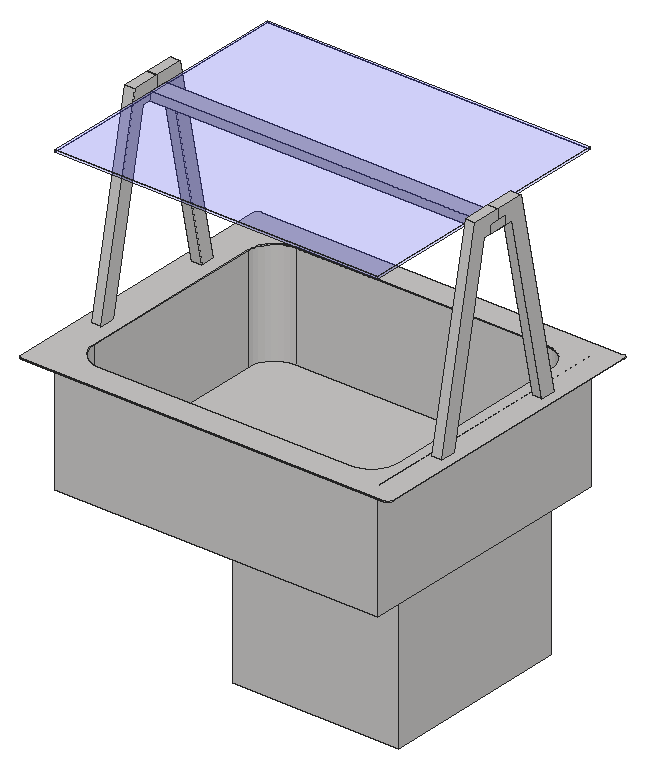
Revit family "QF_ELECTROLUXPROFESSIONAL_341177_D10C2O", category Attrezzature speciali, Revit 2020
Family settings
  Quota connettore circolare = Usa diametro
  Tipo di parte = Normale
  Basato su piano di lavoro = No
  Sempre verticale = Sì
  Taglio con vuoti quando caricato = No
  Condiviso = No
  Punto di calcolo locali = No
Parameters (values of type "Standard")
  Weight = 57.06 kg
  Watts = 0 W
  Volts = 220 V
  URL Manufacturer = "https://www.electroluxprofessional.com/"
  URL = "https://www.electroluxprofessional.com/"
  Steam Supply Size = 0 mm
  Steam Supply Minimum Pressure = 0.0 Pa
  Steam Supply Maximum Pressure = 0.0 Pa
  Steam Consumption per Hour = 0
  Refrigeration Suction Line Size = 0 mm
  Refrigeration Liquid Line Size = 0 mm
  Refrigerant Compressor Remote = yes
  Prospetto di default = 0 mm
  Produttore = "Electrolux Professional"
  Phase = 1
  Modello = "D10C2O"
  Length Actual = 770 mm  # constant formula
  Item Number = "341177"
  Hot Water Size = 0 mm
  Height Actual = 999 mm  # constant formula
  HP = "0 HP"
  Gas Size = 0 mm
  Gas KW = 0
  Gas Input Pressure = 0 W
  Direct Waste Size = 0 mm
  Descrizione = "DROP-IN REFRIGERATED WELL, STATIC, 2GN WITH A TYPE OVERSHELF AND LED LIGHT"
  Depth Actual = 620 mm  # constant formula
  Cycle = 50 Hz
  Condensate Return Size = 0 mm
  Compressed Air Volume = 0.0 L/s
  Compressed Air Size = 0 mm
  Compressed Air Pressure = 0.0 Pa
  Cold Water Size = 0 mm
  Accessory = yes
Reference planes
  plane 1 "BACK": y = 0
  plane 2: z = 5.426
  plane 3 "LEFT": x = 0
  plane 4: y = -620
  plane 5: z = 409.426
  plane 6: y = -310
  plane 7: x = 385
Forms (mm)
  Extrusion 1, solid, material "QF_Finishes_Stainless Steel"
    sketch origin (0, 0, 5.426) x (1, 0, 0) y (0, 1, 0)
      loop
        arc (10, 0) -> (2.929, -2.929) -> (0, -10) r 10
        line (0, -10) -> (0, -610)
        arc (0, -610) -> (2.929, -617.071) -> (10, -620) r 10
        line (10, -620) -> (760, -620)
        arc (760, -620) -> (767.071, -617.071) -> (770, -610) r 10
        line (770, -610) -> (770, -10)
        arc (770, -10) -> (767.071, -2.929) -> (760, 0) r 10
        line (760, 0) -> (10, 0)
    from 0 to 1
  Extrusion 2, solid, material "QF_Finishes_Stainless Steel"
    sketch origin (0, 0, 12.548) x (1, 0, 0) y (0, 1, 0)
      loop
        line (50, -35) -> (50, -585) -> (720, -585) -> (720, -35) -> (50, -35)
    from -251.122 to -7.122
  Extrusion 3, void
    sketch origin (0, 0, -2.817) x (1, 0, 0) y (0, 1, 0)
      loop
        arc (125, -55) -> (86.109, -71.109) -> (70, -110) r 55
        line (70, -110) -> (70, -510)
        arc (70, -510) -> (86.109, -548.891) -> (125, -565) r 55
        line (125, -565) -> (645, -565)
        arc (645, -565) -> (683.891, -548.891) -> (700, -510) r 55
        line (700, -510) -> (700, -110)
        arc (700, -110) -> (683.891, -71.109) -> (645, -55) r 55
        line (645, -55) -> (125, -55)
    from -209.107 to 9.244
  Extrusion 4, solid, material "QF_Finishes_Stainless Steel"
    sketch origin (21.5, -620, 0) x (0, -1, 0) y (0, 0, -1)
      loop
        line (-310, -409.426) -> (-250.873, -409.426) -> (-165, -5.426) -> (-195, -5.426) -> (-272.583, -370.426) -> (-310, -370.426) -> (-310, -409.426)
    from 0 to 20
  Extrusion 5, solid, material "QF_Finishes_Stainless Steel"
    sketch origin (21.5, 0, 0) x (0, 1, 0) y (0, 0, 1)
      loop
        line (-310, 409.426) -> (-310, 370.426) -> (-272.583, 370.426) -> (-195, 5.426) -> (-165, 5.426) -> (-250.873, 409.426) -> (-310, 409.426)
    from 0 to 20
  Extrusion 6, solid, material "QF_Finishes_Stainless Steel"
    sketch origin (748, -620, 0) x (0, -1, 0) y (0, 0, 1)
      loop
        line (-310, 409.426) -> (-310, 370.426) -> (-272.583, 370.426) -> (-195, 5.426) -> (-165, 5.426) -> (-250.873, 409.426) -> (-310, 409.426)
    from 0 to 20
  Extrusion 7, solid, material "QF_Finishes_Stainless Steel"
    sketch origin (748, 0, 0) x (0, 1, 0) y (0, 0, -1)
      loop
        line (-310, -409.426) -> (-250.873, -409.426) -> (-165, -5.426) -> (-195, -5.426) -> (-272.583, -370.426) -> (-310, -370.426) -> (-310, -409.426)
    from 0 to 20
  Extrusion 8, solid, material "QF_Finishes_Stainless Steel"
    sketch origin (0, 0, 0) x (0, 1, 0) y (0, 0, 1)
      loop
        line (-291.292, 370.426) -> (-291.292, 387.956) -> (-328.917, 387.956) -> (-328.917, 370.426) -> (-291.292, 370.426)
    from 21.5 to 748
  Extrusion 9, solid, material "Vetro"
    sketch origin (0, 0, 5.426) x (1, 0, 0) y (0, 1, 0)
      loop
        line (50, -35) -> (50, -585) -> (720, -585) -> (720, -35) -> (50, -35)
    from 382.529 to 387.529
  Extrusion 10, solid, material "QF_Finishes_Stainless Steel"
    sketch origin (281.31, -344.303, -643.387) x (0, 0, -1) y (0, 1, 0)
      loop
        circle (-372.814, -140.692) r 12.7
    from 5 to 70.307
  Extrusion 11, solid, material "QF_Finishes_Stainless Steel"
    sketch origin (112.975, -3, 5.426) x (1, 0, 0) y (0, 1, 0)
      loop
        circle (226.025, -481.971) r 12.675
    from -276 to -244
  Extrusion 12, solid, material "QF_Finishes_Stainless Steel"
    sketch origin (911.74, 95, -288.649) x (0, 1, 0) y (0, 0, -1)
      loop
        line (-161.185, -50.076) -> (-161.185, 268.924) -> (-555, 268.924) -> (-555, -50.076) -> (-161.185, -50.076)
    from 248.906 to 593.906
Cuts and joins
  Extrusion 3 cuts Extrusion 1
  Extrusion 3 cuts Extrusion 2
Dimensions and locks
  equal spacing: Extrusion 1, Extrusion 2 sketch curve, Extrusion 2 sketch curve, Extrusion 1  (x2)
  Extrusion 1 to Extrusion 1 = 770 mm
  Extrusion 1 to plane 1 "BACK" = 620 mm
  equal spacing: Extrusion 2, Extrusion 3 sketch curve, Extrusion 3 sketch curve, Extrusion 2  (x2)
  plane 5 to plane 2 = 404 mm
  equal spacing: plane 3 "LEFT", plane 7, cut or joined group of Extrusion 1, Extrusion 3
  aligned and locked: level to plane 2
Automatic sketch dimensions
  Extrusion 1 sketch curve to plane 3 "LEFT" = 0 mm
  plane 4 to Extrusion 1 sketch curve = 0 mm
  plane 1 "BACK" to Extrusion 1 sketch curve = 0 mm
  plane 3 "LEFT" to Extrusion 1 sketch curve = 10 mm  (x2)
  plane 3 "LEFT" to Extrusion 2 sketch curve = 50 mm
  Extrusion 2 sketch curve to plane 4 = 35 mm
  plane 1 "BACK" to Extrusion 2 sketch curve = 35 mm
  plane 3 "LEFT" to Extrusion 3 sketch curve = 70 mm
  Extrusion 3 sketch curve to Extrusion 3 sketch curve = 55 mm  (x4)
  Extrusion 3 sketch curve to plane 4 = 55 mm
  plane 1 "BACK" to Extrusion 3 sketch curve = 110 mm
  Extrusion 4 sketch curve to plane 6 = 0 mm
  plane 5 to Extrusion 4 sketch curve = 0 mm
  Extrusion 4 sketch curve to level = 0 mm
  Extrusion 4 sketch curve to Extrusion 4 sketch curve = 37.417 mm
  Extrusion 4 sketch curve to Extrusion 4 sketch curve = 21.71 mm
  plane 6 to Extrusion 4 sketch curve = 115 mm
  Extrusion 4 sketch curve to Extrusion 4 sketch curve = 30 mm
  Extrusion 4 sketch curve to Extrusion 4 sketch curve = 39 mm
  Extrusion 5 sketch curve to plane 6 = 0 mm
  plane 5 to Extrusion 5 sketch curve = 0 mm
  Extrusion 5 sketch curve to level = 0 mm
  Extrusion 5 sketch curve to Extrusion 5 sketch curve = 37.417 mm
  Extrusion 5 sketch curve to Extrusion 5 sketch curve = 21.71 mm
  plane 6 to Extrusion 5 sketch curve = 115 mm
  Extrusion 5 sketch curve to Extrusion 5 sketch curve = 30 mm
  Extrusion 5 sketch curve to Extrusion 5 sketch curve = 39 mm
  Extrusion 6 sketch curve to plane 6 = 0 mm
  plane 5 to Extrusion 6 sketch curve = 0 mm
  Extrusion 6 sketch curve to level = 0 mm
  Extrusion 6 sketch curve to Extrusion 6 sketch curve = 37.417 mm
  Extrusion 6 sketch curve to Extrusion 6 sketch curve = 21.71 mm
  Extrusion 6 sketch curve to plane 6 = 115 mm
  Extrusion 6 sketch curve to Extrusion 6 sketch curve = 30 mm
  Extrusion 6 sketch curve to Extrusion 6 sketch curve = 39 mm
  Extrusion 7 sketch curve to plane 6 = 0 mm
  plane 5 to Extrusion 7 sketch curve = 0 mm
  Extrusion 7 sketch curve to level = 0 mm
  Extrusion 7 sketch curve to Extrusion 7 sketch curve = 37.417 mm
  Extrusion 7 sketch curve to Extrusion 7 sketch curve = 21.71 mm
  plane 6 to Extrusion 7 sketch curve = 115 mm
  Extrusion 7 sketch curve to Extrusion 7 sketch curve = 30 mm
  Extrusion 7 sketch curve to Extrusion 7 sketch curve = 39 mm
  Extrusion 8 sketch curve to plane 6 = 18.917 mm
  plane 6 to Extrusion 8 sketch curve = 18.708 mm
  plane 5 to Extrusion 8 sketch curve = 39 mm
  Extrusion 8 sketch curve to Extrusion 8 sketch curve = 17.529 mm
  plane 3 "LEFT" to Extrusion 9 sketch curve = 50 mm
  Extrusion 9 sketch curve to plane 4 = 35 mm
  plane 1 "BACK" to Extrusion 9 sketch curve = 35 mm
  Extrusion 10 sketch curve to level = 276 mm
  Extrusion 10 sketch curve to plane 4 = 135.004 mm
  Extrusion 11 sketch curve to plane 4 = 135.029 mm
  Extrusion 12 sketch curve to plane 6 = 150 mm
  plane 6 to Extrusion 12 sketch curve = 243.815 mm
  Extrusion 12 sketch curve to level = 244 mm
  Extrusion 12 sketch curve to Extrusion 12 sketch curve = 319 mm
  plane 1 "BACK" to Extrusion 1 sketch curve = 10 mm
  Extrusion 1 sketch curve to Extrusion 1 sketch curve = 750 mm
  Extrusion 1 sketch curve to Extrusion 1 sketch curve = 10 mm
  Extrusion 2 sketch curve to Extrusion 2 sketch curve = 670 mm
  Extrusion 3 sketch curve to Extrusion 3 sketch curve = 520 mm
  Extrusion 9 sketch curve to Extrusion 9 sketch curve = 670 mm
  plane 3 "LEFT" to Extrusion 11 sketch curve = 339 mm
  radius of Extrusion 10 sketch curve = 12.7 mm
  radius of Extrusion 11 sketch curve = 12.675 mm
Connectors
  piping at (286.31, -484.996, -270.574), diameter 25.4
    settings: on Extrusion 10, index 5, connector inside diameter 609.6 mm, connector length 0 mm, flow factor 0, pipe flow 0.0 L/s, pressure drop 0.0 Pa, fitting loss kfactor 0, connector angle 0.00°, fixture units 0, engagement length 0 mm, angle of deflection 0.00°, flow configuration 0, flow direction 0, fitting loss method 0, system type 29, joint type 0, gender type 0, connector reference index -1, connector utility 0, adjustable connector no, is connector primary yes, connector description "D"
